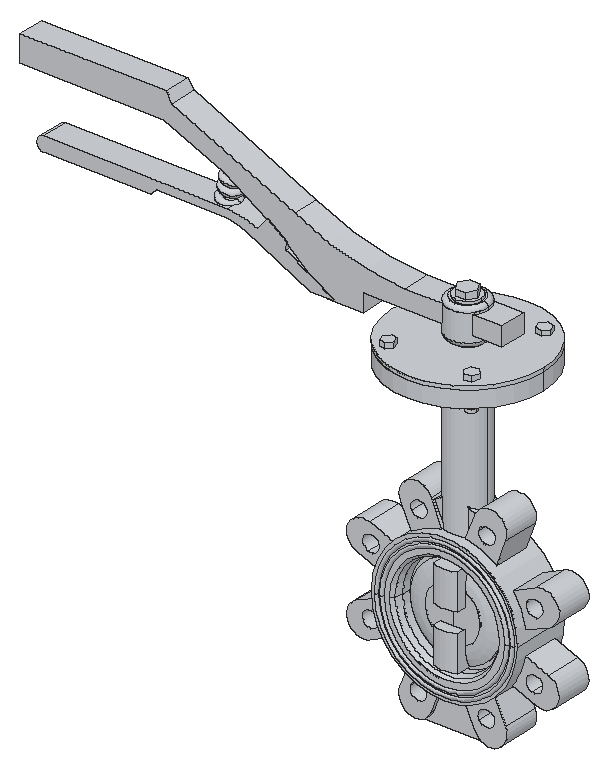
Revit family "R59FLX004", category Plumbing Fixtures, Revit 2015
Reference planes
  plane 1 "Center (Front/Back)": y = 0
  plane 2: z = 0
  plane 3 "Center (Left/Right)": x = 0
  plane 4: z = 140
  plane 5: x = -260
  plane 6: z = 217
  plane 7: z = 187
  plane 8: z = -63.5
  plane 9: z = -30
  plane 10: z = 170
  plane 11: y = -17.262
  plane 12: y = 17.262
  plane 13: z = -14.308
Forms (mm)
  Extrusion 1, solid
    sketch origin (0, 0, 130) x (1, 0, 0) y (0, 1, 0)
      loop
        circle (0, 0) r 45
    from 0 to 10
  Extrusion 2, solid
    sketch origin (0, 45.948, -140.573) x (1, 0, 0) y (0, 0, 1)
      loop
        arc (-96.679, 319.319) -> (-132.67, 336.792) -> (-169.654, 352.049) r 659.286
        line (-169.654, 352.049) -> (-172.843, 357.573) -> (-260, 357.573) -> (-260, 341.853) -> (-174.471, 341.853)
        arc (-174.471, 341.853) -> (-122.152, 316.93) -> (-77.024, 280.573) r 248.649
        line (-77.024, 280.573) -> (-55.568, 280.573) -> (-55.568, 291.199) -> (26.878, 291.199) -> (26.878, 302.179) -> (-30.767, 302.179)
        arc (-30.767, 302.179) -> (-64.704, 306.978) -> (-96.679, 319.319) r 150.722
    from 37.966 to 54.11
  Extrusion 3, solid
    sketch origin (-37.783, 45.948, -210.087) x (1, 0, 0) y (0, 0, 1)
      loop
        line (-98.516, 377.301) -> (-208.006, 377.301)
        arc (-208.006, 377.301) -> (-212.274, 373.033) -> (-208.006, 368.766) r 4.268
        line (-208.006, 368.766) -> (-144.475, 368.766) -> (-140.939, 372.301) -> (-103.305, 372.301)
        arc (-103.305, 372.301) -> (-95.507, 371.471) -> (-88.058, 369.019) r 37.057
        arc (-88.058, 369.019) -> (-68.407, 360.05) -> (-49.241, 350.087) r 421.945
        line (-49.241, 350.087) -> (-34.866, 350.087)
        arc (-34.866, 350.087) -> (-48.985, 359.43) -> (-64, 367.252) r 162.429
        line (-64, 367.252) -> (-63.437, 371.843) -> (-74.98, 380.231) -> (-80.609, 372.485)
        arc (-80.609, 372.485) -> (-89.36, 375.646) -> (-98.516, 377.301) r 55.494
    from 37.966 to 54.11
  Extrusion 4, solid
    sketch origin (0, 0, -76.95) x (1, 0, 0) y (0, 1, 0)
      loop
        circle (0, 0) r 12
    from 118.947 to 206.95
  Revolve 5, solid
    sketch origin (0, 0, 0) x (0, 1, 0) y (0, 0, 1)
      loop
        line (-6.1, -30.211) -> (6.1, -30.211) -> (6.1, -27.411) -> (8.1, -27.411)
        arc (8.1, -27.411) -> (10.282, -22.096) -> (11.11, -16.411) r 23.5
        line (11.11, -16.411) -> (11.11, 0) -> (-11.11, 0) -> (-11.11, -16.411)
        arc (-11.11, -16.411) -> (-10.282, -22.096) -> (-8.1, -27.411) r 23.5
        line (-8.1, -27.411) -> (-6.1, -27.411) -> (-6.1, -30.211)
      axis (11.11, 0) -> (-11.11, 0)
    angle from 0 to 360
  Blend 6, solid
    base sketch origin (0, 0, -4.163) x (1, 0, 0) y (0, 1, 0)
      loop
        line (-6.883, 16.4) -> (-6.883, -16.4)
        arc (-6.883, -16.4) -> (0, -18.078) -> (6.883, -16.4) r 14.953
        line (6.883, -16.4) -> (6.883, 16.4)
        arc (6.883, 16.4) -> (0, 18.078) -> (-6.883, 16.4) r 14.953
    top sketch origin (0, 0, 0) x (1, 0, 0) y (0, 1, 0)
      loop
        line (-6.883, 16.4) -> (-6.883, -16.4)
        arc (-6.883, -16.4) -> (0, -18.078) -> (6.883, -16.4) r 14.953
        line (6.883, -16.4) -> (6.883, 16.4)
        arc (6.883, 16.4) -> (0, 18.078) -> (-6.883, 16.4) r 14.953
    from 10.163 to 27.01
  Blend 7, solid
    base sketch origin (0, 0, -38.601) x (0, -1, 0) y (1, 0, 0)
      loop
        line (-16.4, -6.883) -> (16.4, -6.883)
        arc (16.4, -6.883) -> (18.078, 0) -> (16.4, 6.883) r 14.953
        line (16.4, 6.883) -> (-16.4, 6.883)
        arc (-16.4, 6.883) -> (-18.078, 0) -> (-16.4, -6.883) r 14.953
    top sketch origin (0, 0, -35.117) x (0, -1, 0) y (1, 0, 0)
      loop
        line (-16.4, -6.883) -> (16.4, -6.883)
        arc (16.4, -6.883) -> (18.078, 0) -> (16.4, 6.883) r 14.953
        line (16.4, 6.883) -> (-16.4, 6.883)
        arc (-16.4, 6.883) -> (-18.078, 0) -> (-16.4, -6.883) r 14.953
    from 11.542 to 29.117
  Extrusion 8, solid
    sketch origin (8.63, 0, -18.022) x (0.99863, 0, -0.052336) y (0.052336, 0, 0.99863)
      loop
        line (-18.251, 60.114) -> (-25.459, 74.264)
        arc (-25.459, 74.264) -> (-38.908, 78.635) -> (-43.28, 65.186) r 10
        line (-43.28, 65.186) -> (-36.072, 51.036) -> (-18.251, 60.114)
      loop
        circle (-32.1, 65.269) r 5
    from -10.546 to 10.991
  Extrusion 9, solid
    sketch origin (-6.641, 0, -18.846) x (0.669131, 0, -0.743145) y (0.743145, 0, 0.669131)
      loop
        line (-18.251, 60.114) -> (-25.459, 74.264)
        arc (-25.459, 74.264) -> (-38.908, 78.635) -> (-43.28, 65.186) r 10
        line (-43.28, 65.186) -> (-36.072, 51.036) -> (-18.251, 60.114)
      loop
        circle (-32.1, 65.269) r 5
    from -10.546 to 10.991
  Extrusion 10, solid
    sketch origin (-18.022, 0, -8.63) x (-0.052336, 0, -0.99863) y (0.99863, 0, -0.052336)
      loop
        line (-18.251, 60.114) -> (-25.459, 74.264)
        arc (-25.459, 74.264) -> (-38.908, 78.635) -> (-43.28, 65.186) r 10
        line (-43.28, 65.186) -> (-36.072, 51.036) -> (-18.251, 60.114)
      loop
        circle (-32.1, 65.269) r 5
    from -10.546 to 10.991
  Extrusion 11, solid
    sketch origin (-18.846, 0, 6.641) x (-0.743145, 0, -0.669131) y (0.669131, 0, -0.743145)
      loop
        line (-18.251, 60.114) -> (-25.459, 74.264)
        arc (-25.459, 74.264) -> (-38.908, 78.635) -> (-43.28, 65.186) r 10
        line (-43.28, 65.186) -> (-36.072, 51.036) -> (-18.251, 60.114)
      loop
        circle (-32.1, 65.269) r 5
    from -10.546 to 10.991
  Extrusion 12, solid
    sketch origin (-8.63, 0, 18.022) x (-0.99863, 0, 0.052336) y (-0.052336, 0, -0.99863)
      loop
        line (-18.251, 60.114) -> (-25.459, 74.264)
        arc (-25.459, 74.264) -> (-38.908, 78.635) -> (-43.28, 65.186) r 10
        line (-43.28, 65.186) -> (-36.072, 51.036) -> (-18.251, 60.114)
      loop
        circle (-32.1, 65.269) r 5
    from -10.546 to 10.991
  Extrusion 13, solid
    sketch origin (6.641, 0, 18.846) x (-0.669131, 0, 0.743145) y (-0.743145, 0, -0.669131)
      loop
        line (-18.251, 60.114) -> (-25.459, 74.264)
        arc (-25.459, 74.264) -> (-38.908, 78.635) -> (-43.28, 65.186) r 10
        line (-43.28, 65.186) -> (-36.072, 51.036) -> (-18.251, 60.114)
      loop
        circle (-32.1, 65.269) r 5
    from -10.546 to 10.991
  Extrusion 14, solid
    sketch origin (18.022, 0, 8.63) x (0.052336, 0, 0.99863) y (-0.99863, 0, 0.052336)
      loop
        line (-18.251, 60.114) -> (-25.459, 74.264)
        arc (-25.459, 74.264) -> (-38.908, 78.635) -> (-43.28, 65.186) r 10
        line (-43.28, 65.186) -> (-36.072, 51.036) -> (-18.251, 60.114)
      loop
        circle (-32.1, 65.269) r 5
    from -10.546 to 10.991
  Extrusion 15, solid
    sketch origin (18.846, 0, -6.641) x (0.743145, 0, 0.669131) y (-0.669131, 0, 0.743145)
      loop
        line (-18.251, 60.114) -> (-25.459, 74.264)
        arc (-25.459, 74.264) -> (-38.908, 78.635) -> (-43.28, 65.186) r 10
        line (-43.28, 65.186) -> (-36.072, 51.036) -> (-18.251, 60.114)
      loop
        circle (-32.1, 65.269) r 5
    from -10.546 to 10.991
  Extrusion 16, solid
    sketch origin (99.126, -27.447, 142) x (0, -1, 0) y (1, 0, 0)
      loop
        line (3.99, -123.113) -> (0.805, -120.344) -> (-3.184, -121.718) -> (-3.99, -125.86) -> (-0.805, -128.628) -> (3.184, -127.254) -> (3.99, -123.113)
    from 0 to 3
  Extrusion 17, solid
    sketch origin (99.126, -27.447, 122) x (0, -1, 0) y (1, 0, 0)
      loop
        circle (0, -124.486) r 3
    from 2.505 to 20
  Extrusion 18, solid
    sketch origin (99.126, -27.447, 129) x (0, -1, 0) y (1, 0, 0)
      loop
        line (3.99, -123.113) -> (0.805, -120.344) -> (-3.184, -121.718) -> (-3.99, -125.86) -> (-0.805, -128.628) -> (3.184, -127.254) -> (3.99, -123.113)
      loop
        line (-3.444, -125.672) -> (-0.695, -128.061) -> (2.749, -126.876) -> (3.444, -123.301) -> (0.695, -120.911) -> (-2.749, -122.097) -> (-3.444, -125.672)
    from -1.968 to 1
  Extrusion 19, solid, not visible
    sketch origin (26.117, -96.518, 104.233) x (0, -1, 0) y (1, 0, 0)
      loop
        line (3.99, -123.113) -> (0.805, -120.344) -> (-3.184, -121.718) -> (-3.99, -125.86) -> (-0.805, -128.628) -> (3.184, -127.254) -> (3.99, -123.113)
    from 0 to 3
  Extrusion 20, solid, not visible
    sketch origin (26.117, -96.518, 84.233) x (0, -1, 0) y (1, 0, 0)
      loop
        circle (0, -124.486) r 3
    from 2.505 to 20
  Extrusion 21, solid, not visible
    sketch origin (26.117, -96.518, 91.233) x (0, -1, 0) y (1, 0, 0)
      loop
        line (3.99, -123.113) -> (0.805, -120.344) -> (-3.184, -121.718) -> (-3.99, -125.86) -> (-0.805, -128.628) -> (3.184, -127.254) -> (3.99, -123.113)
      loop
        line (-3.444, -125.672) -> (-0.695, -128.061) -> (2.749, -126.876) -> (3.444, -123.301) -> (0.695, -120.911) -> (-2.749, -122.097) -> (-3.444, -125.672)
    from -1.968 to 1
  Extrusion 22, solid
    sketch origin (0, 0, 140) x (1, 0, 0) y (0, 1, 0)
      loop
        circle (0, 0) r 45
    from 0 to 2
  Extrusion 23, solid
    sketch origin (99.126, -27.447, 142) x (0, -1, 0) y (1, 0, 0)
      loop
        line (-58.884, -123.113) -> (-58.079, -127.254) -> (-54.09, -128.628) -> (-50.905, -125.86) -> (-51.71, -121.718) -> (-55.7, -120.344) -> (-58.884, -123.113)
    from 0 to 3
  Extrusion 24, solid
    sketch origin (99.126, -27.447, 122) x (0, -1, 0) y (1, 0, 0)
      loop
        circle (-54.895, -124.486) r 3
    from 2.505 to 20
  Extrusion 25, solid
    sketch origin (99.126, -27.447, 129) x (0, -1, 0) y (1, 0, 0)
      loop
        line (-58.884, -123.113) -> (-58.079, -127.254) -> (-54.09, -128.628) -> (-50.905, -125.86) -> (-51.71, -121.718) -> (-55.7, -120.344) -> (-58.884, -123.113)
      loop
        line (-51.451, -125.672) -> (-52.146, -122.097) -> (-55.59, -120.911) -> (-58.339, -123.301) -> (-57.644, -126.876) -> (-54.2, -128.061) -> (-51.451, -125.672)
    from -1.968 to 1
  Extrusion 26, solid
    sketch origin (-100.376, 27.447, 142) x (0, 1, 0) y (-1, 0, 0)
      loop
        line (-58.884, -123.113) -> (-58.079, -127.254) -> (-54.09, -128.628) -> (-50.905, -125.86) -> (-51.71, -121.718) -> (-55.7, -120.344) -> (-58.884, -123.113)
    from 0 to 3
  Extrusion 27, solid
    sketch origin (-100.376, 27.447, 122) x (0, 1, 0) y (-1, 0, 0)
      loop
        circle (-54.895, -124.486) r 3
    from 2.505 to 20
  Extrusion 28, solid
    sketch origin (-100.376, 27.447, 129) x (0, 1, 0) y (-1, 0, 0)
      loop
        line (-58.884, -123.113) -> (-58.079, -127.254) -> (-54.09, -128.628) -> (-50.905, -125.86) -> (-51.71, -121.718) -> (-55.7, -120.344) -> (-58.884, -123.113)
      loop
        line (-51.451, -125.672) -> (-52.146, -122.097) -> (-55.59, -120.911) -> (-58.339, -123.301) -> (-57.644, -126.876) -> (-54.2, -128.061) -> (-51.451, -125.672)
    from -1.968 to 1
  Extrusion 29, solid
    sketch origin (-100.376, 27.447, 142) x (0, 1, 0) y (-1, 0, 0)
      loop
        line (3.99, -123.113) -> (0.805, -120.344) -> (-3.184, -121.718) -> (-3.99, -125.86) -> (-0.805, -128.628) -> (3.184, -127.254) -> (3.99, -123.113)
    from 0 to 3
  Extrusion 30, solid
    sketch origin (-100.376, 27.447, 122) x (0, 1, 0) y (-1, 0, 0)
      loop
        circle (0, -124.486) r 3
    from 2.505 to 20
  Extrusion 31, solid
    sketch origin (-100.376, 27.447, 129) x (0, 1, 0) y (-1, 0, 0)
      loop
        line (3.99, -123.113) -> (0.805, -120.344) -> (-3.184, -121.718) -> (-3.99, -125.86) -> (-0.805, -128.628) -> (3.184, -127.254) -> (3.99, -123.113)
      loop
        line (-3.444, -125.672) -> (-0.695, -128.061) -> (2.749, -126.876) -> (3.444, -123.301) -> (0.695, -120.911) -> (-2.749, -122.097) -> (-3.444, -125.672)
    from -1.968 to 1
  Extrusion 32, solid
    sketch origin (125.063, -27.447, 167.144) x (0, -1, 0) y (1, 0, 0)
      loop
        line (-32.638, -122.069) -> (-32.638, -128.062) -> (-27.447, -131.059) -> (-22.257, -128.062) -> (-22.257, -122.069) -> (-27.447, -119.072) -> (-32.638, -122.069)
    from -1.014 to 2.856
  Extrusion 33, solid
    sketch origin (124.477, -54.895, 162.2) x (0, -1, 0) y (1, 0, 0)
      loop
        circle (-54.895, -124.486) r 8
    from -22.2 to 3.931
  Sweep 34, solid
    path origin (0, 0, 0) x (1, 0, 0) y (0, 0, 1)
      loop
        circle (0, 0) r 43.5
    profile origin (0, 0, -43.5) x (0, 0, 1) y (0, -1, 0)
      loop
        line (0, -17.262) -> (1.952, -17.262)
        arc (1.952, -17.262) -> (2.966, -18.276) -> (3.98, -17.262) r 1.014
        line (3.98, -17.262) -> (5.253, -17.262)
        arc (5.253, -17.262) -> (6.425, -18.263) -> (7.231, -16.949) r 1.014
        line (7.231, -16.949) -> (10.888, -16.949) -> (12.517, -14.607) -> (13.454, -11.11) -> (13.454, 11.11) -> (12.381, 15.116) -> (10.888, 17.262) -> (7.28, 17.262)
        arc (7.28, 17.262) -> (6.267, 18.276) -> (5.253, 17.262) r 1.014
        line (5.253, 17.262) -> (3.98, 17.262)
        arc (3.98, 17.262) -> (2.966, 18.276) -> (1.952, 17.262) r 1.014
        line (1.952, 17.262) -> (0, 17.262) -> (0, -17.262)
  Extrusion 35, solid
    sketch origin (0, 0, -20.66) x (1, 0, 0) y (0, 0, 1)
      loop
        line (-16.47, 75.846) -> (-9.856, 60.987) -> (9.323, 60.987) -> (15.146, 76.152)
        arc (15.146, 76.152) -> (6.998, 80.48) -> (1.583, 87.951) r 20.435
        line (1.583, 87.951) -> (1.583, 61.435) -> (-1.691, 61.435) -> (-1.691, 87.701)
        arc (-1.691, 87.701) -> (-7.623, 79.957) -> (-16.47, 75.846) r 20.435
    from -7.881 to 9.454
  Extrusion 36, solid
    sketch origin (-2.813, 0.293, 18.193) x (1, 0, 0) y (0, 0, 1)
      loop
        line (18.113, -76.16) -> (11.358, -60.987) -> (-7.552, -60.987) -> (-13.233, -75.781)
        arc (-13.233, -75.781) -> (-15.163, -78.916) -> (-18.097, -81.141) r 10
        line (-18.097, -81.141) -> (24.641, -81.141)
        arc (24.641, -81.141) -> (20.741, -79.484) -> (18.113, -76.16) r 8.561
    from -9.388 to 9.974
  Revolve 37, solid
    sketch origin (0, 0, 0) x (1, 0, 0) y (0, 0, 1)
      loop
        line (-9.486, 143.746) -> (0, 143.746) -> (0, 165) -> (-9.486, 165)
        arc (-9.486, 165) -> (-11.259, 164.265) -> (-11.994, 162.492) r 2.508
        line (-11.994, 162.492) -> (-11.994, 146.254)
        arc (-11.994, 146.254) -> (-11.259, 144.481) -> (-9.486, 143.746) r 2.508
      axis (0, 143.746) -> (0, 165)
    angle from 0 to 360
  Sweep 38, solid
    path origin (-48.156, 0, 166.496) x (0.978732, 0, -0.205142) y (0, 1, 0)
      loop
        circle (-92.344, 0) r 5
    profile origin (-138.536, 5, 185.439) x (0, -1, 0) y (0.205142, 0, 0.978732)
      loop
        circle (0, 0) r 2
  Sweep 39, solid
    path origin (-49.24, 0, 160.236) x (0.978732, 0, -0.205142) y (0, 1, 0)
      loop
        circle (-92.344, 0) r 5
    profile origin (-139.62, 5, 179.18) x (0, -1, 0) y (0.205142, 0, 0.978732)
      loop
        circle (0, 0) r 2
  Sweep 40, solid
    path origin (-50.258, 0, 154.62) x (0.978732, 0, -0.205142) y (0, 1, 0)
      loop
        circle (-92.344, 0) r 5
    profile origin (-140.638, 5, 173.564) x (0, -1, 0) y (0.205142, 0, 0.978732)
      loop
        circle (0, 0) r 2
  Sweep 41, solid
    path origin (-51.686, 0, 147.994) x (0.978732, 0, -0.205142) y (0, 1, 0)
      loop
        circle (-92.344, 0) r 5
    profile origin (-142.066, 5, 166.938) x (0, -1, 0) y (0.205142, 0, 0.978732)
      loop
        circle (0, 0) r 2
Dimensions and locks
  locked: plane 2 to plane 4 at 140
  plane 3 "Center (Left/Right)" to plane 5 = 260 mm
  level to plane 6 = 217 mm
  plane 8 to level = 63.5 mm
  locked: plane 4 to plane 10 at 30
  plane 12 to plane 11 = 34.524 mm
  aligned and locked: level to plane 2
